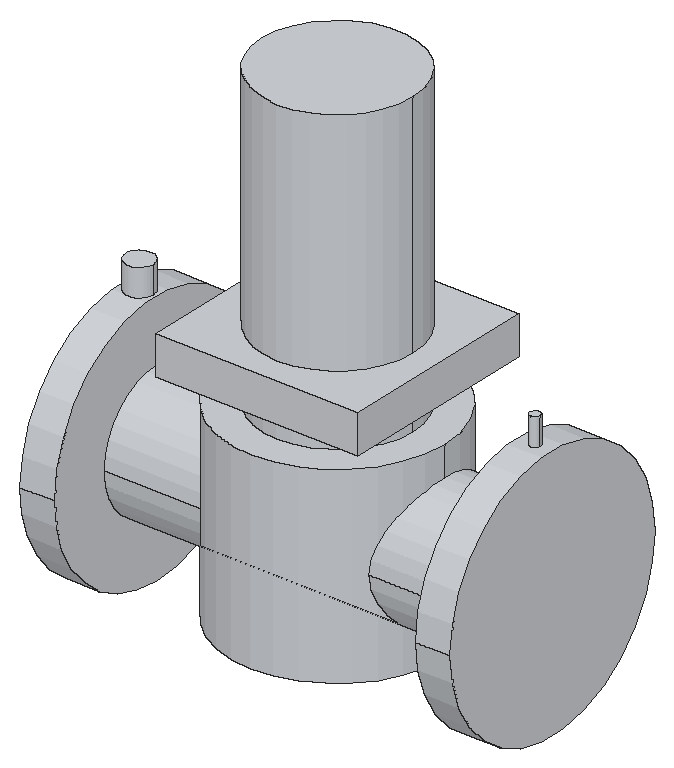
Revit family "PV_Compact_PN16_DN150_(20-100kPa)_RFA_2018", category Pipe Accessories, Revit 2018
Family settings
  Round Connector Dimension = Use Diameter
  Part Type = Valve - Breaks Into
  Work Plane-Based = No
  Always vertical = Yes
  Cut with Voids When Loaded = No
  Shared = No
Parameters (values of type "PV Compact PN16 DN150 (20-100kPa)")
  magiProductId = "c042f62d475c462ea84624600fc620"
  magiProductFamilyId = "23d1f353e6b1477a88f64fef0dfa1d"
  magiPartTypeId = 304
  isMeasuringValve [instance] = no
  ang2D [instance] = 0.00°
  W2D = 50 mm
  VersionID = "2.0/2018.12.13.2/FRESE_PV_COMPACT_BIG_Q13_001"
  Use Minimum Symbol Size [instance] = no
  URL = "www.hydronic.cz"
  Type Comments = "PŘÍRUBOVÝ; PN16; dpmax=1000kPa; -10~+120°C"
  R4 = 84 mm
  R3 = 74.1 mm
  R1 = 120 mm
  QmdConnectorList = "301;D;302;D"
  Productdata [instance] = ""
  Manufacturer = "Hydronic Systems Prague s.r.o."
  Maintenance Zone Under Depth [instance] = 100 mm
  Maintenance Zone Right Depth [instance] = 100 mm
  Maintenance Zone Over Depth [instance] = 100 mm
  Maintenance Zone Left Depth [instance] = 100 mm
  Maintenance Zone Front Depth [instance] = 100 mm
  Maintenance Zone Back Depth [instance] = 100 mm
  Maintenance Zone Front Visibility [instance] = no
  MC Use Limits From Balancing Method = no
  MC Throttling Minimum Value = 0
  MC Throttling Maximum Value = 0
  MC Product Code = "53-3315 DN150 PN16; nastavitelný rozsah dp=20~100kPa; Q=28,0~112 m3/h;  kvs=250"
  MC Pressure Drop Minimum Value = 0.0 Pa
  MC Pressure Drop Maximum Value = 0.0 Pa
  MC Piping Given Pressure Drop [instance] = 0.0 Pa
  LF__ve = -LF  # -38.4 mm
  LF2 = 19.2 mm
  LF = 38.4 mm
  L4 = 225.6 mm
  L3 = 403.2 mm
  L2D_Min = 30.48 mm
  L2D = 230 mm
  L2 = 240 mm
  H6 = 256.25 mm
  H4 = 42.75 mm
  H3 = 35.625 mm
  H2 = 106.875 mm
  H1 = 213.75 mm
  Description = "Nastavitelný regulátor tlakové diference"
  DF2 = 142.5 mm
  D = 150 mm
  Clearance Zone Height Depth [instance] = 100 mm
  Clearance Zone Circular Radius [instance] = 240 mm
  Clearance Zone Visibility [instance] = no
  CAT0 = yes
Types (7, lengths in mm): name | magiProductId | Type Comments | R4 | R3 | R1 | MC Product Code | LF__ve | LF2 | LF | L4 | L3 | L2 | H6 | H4 | H3 | H2 | H1 | DF2 | D | Clearance Zone Circular Radius
  PV Compact PN16 DN050 (20-100kPa) | "00877ad72a9f485bb97ca64af9b4c2" | "PŘÍRUBOVÝ; PN16; dpmax=1000kPa; -10~+120°C" | 40.25 | 42.9 | 57.5 | "53-3300 DN50 PN16; nastavitelný rozsah dp=20~100kPa; Q=3,2~13 m3/h;  kvs=29" | -18.4 | 9.2 | 18.4 | 108.1 | 193.2 | 115 | 82.25 | 24.75 | 20.625 | 61.875 | 123.75 | 82.5 | 50 | 115
  PV Compact PN16 DN065 (20-100kPa) | "4caf92840fdb43d88ad3b460526bbd" | "PŘÍRUBOVÝ; PN16; dpmax=1000kPa; -10~+120°C" | 50.75 | 48.1 | 72.5 | "53-3303 DN65 PN16; nastavitelný rozsah dp=20~100kPa; Q=4,7~18,8 m3/h;  kvs=42" | -23.2 | 11.6 | 23.2 | 136.3 | 243.6 | 145 | 105.25 | 27.75 | 23.125 | 69.375 | 138.75 | 92.5 | 65 | 145
  PV Compact PN16 DN080 (20-100kPa) | "fe1ae4728650433e927a6ac465ecb1" | "PŘÍRUBOVÝ; PN16; dpmax=1000kPa; -10~+120°C" | 54.25 | 52 | 77.5 | "53-3306 DN80 PN16; nastavitelný rozsah dp=20~100kPa; Q=7,5~30 m3/h;  kvs=67" | -24.8 | 12.4 | 24.8 | 145.7 | 260.4 | 155 | 141 | 30 | 25 | 75 | 150 | 100 | 80 | 155
  PV Compact PN16 DN100 (20-100kPa) | "9ee8abb4b353443d9e820e5bd3bf33" | "PŘÍRUBOVÝ; PN16; dpmax=1000kPa; -10~+120°C" | 61.25 | 61.1 | 87.5 | "53-3309 DN100 PN16; nastavitelný rozsah dp=20~100kPa; Q=12,9~51,4 m3/h;  kvs=115" | -28 | 14 | 28 | 164.5 | 294 | 175 | 234.75 | 35.25 | 29.375 | 88.125 | 176.25 | 117.5 | 100 | 175
  PV Compact PN16 DN125 (20-100kPa) | "e22e3bcdfcda477085ce507150ab41" | "PŘÍRUBOVÝ; PN16; dpmax=1000kPa; -10~+120°C" | 70 | 70.2 | 100 | "53-3312 DN125 PN16; nastavitelný rozsah dp=20~100kPa; Q=19,0~76,0 m3/h;  kvs=170" | -32 | 16 | 32 | 188 | 336 | 200 | 225.5 | 40.5 | 33.75 | 101.25 | 202.5 | 135 | 125 | 200
  PV Compact PN16 DN150 (20-100kPa) | "c042f62d475c462ea84624600fc620" | "PŘÍRUBOVÝ; PN16; dpmax=1000kPa; -10~+120°C" | 84 | 74.1 | 120 | "53-3315 DN150 PN16; nastavitelný rozsah dp=20~100kPa; Q=28,0~112 m3/h;  kvs=250" | -38.4 | 19.2 | 38.4 | 225.6 | 403.2 | 240 | 256.25 | 42.75 | 35.625 | 106.875 | 213.75 | 142.5 | 150 | 240
  PV Compact PN16 DN200 (20-100kPa) | "073b87d1a570497386745af6d59d88" | "PŘÍRUBOVÝ; PN16; dpmax=1000kPa; -10~+110°C" | 105 | 98.8 | 150 | "53-3318 DN200 PN16; nastavitelný rozsah dp=20~100kPa; Q=30,7~123 m3/h;  kvs=275" | -48 | 24 | 48 | 282 | 504 | 300 | 150 | 57 | 47.5 | 142.5 | 285 | 190 | 200 | 300
Reference planes
  plane 1 "Center (Front/Back)": y = 0
  plane 2 "XYPLANE": z = 0
  plane 3 "Center (Left/Right)": x = 0
  plane 4 "257": y = -142.5
  plane 5 "256": y = 142.5
  plane 6 "255": z = -142.5
  plane 7 "254": y = -242.5
  plane 8 "253": y = 242.5
  plane 9 "252": x = -340
  plane 10 "251": x = 340
  plane 11 "250": z = 541.5
  plane 12 "249": z = -242.5
  plane 13 "248": z = 541.5
  plane 14 "247": z = 441.5
  plane 15 "157": x = 220.8
  plane 16 "156": x = -220.8
  plane 17 "155": z = 142.5
  plane 18 "154": z = 185.25
  plane 19 "153": z = 142.5
  plane 20 "152": z = 106.875
  plane 21 "151": x = -201.6
  plane 22 "150": z = -106.875
  plane 23 "149": x = 0
  plane 24 "148": y = 0
  plane 25 "147": z = 0
  plane 26 "146": x = -240
  plane 27 "145": x = 240
Forms (mm)
  Blend 1, solid, visible <- "Maintenance Zone Front Visibility"
    base sketch origin (-750, 0, -242.5) x (1, 0, 0) y (0, 1, 0)
      loop
        line (410, 242.5) -> (410, -242.5) -> (1090, -242.5) -> (1090, 242.5) -> (410, 242.5)
    top sketch origin (-750, 0, -242.5) x (1, 0, 0) y (0, 1, 0)
      loop
        line (410, 242.5) -> (410, -242.5) -> (1090, -242.5) -> (1090, 242.5) -> (410, 242.5)
    from 0 to 784
  Blend 2, solid, visible <- "Clearance Zone Visibility"
    base sketch origin (-750, 0, 0) x (1, 0, 0) y (0, 1, 0)
      loop
        circle (750, 0) r 240
    top sketch origin (-750, 0, 0) x (1, 0, 0) y (0, 1, 0)
      loop
        circle (750, 0) r 240
    from 0 to 541.5
  Extrusion 3, solid, visible <- "CAT0"
    sketch origin (-750, 0, 142.5) x (1, 0, 0) y (0, 1, 0)
      loop
        circle (970.8, 0) r 5.5
    from 0 to 30
  Extrusion 4, solid, visible <- "CAT0"
    sketch origin (-750, 0, 142.5) x (1, 0, 0) y (0, 1, 0)
      loop
        circle (529.2, 0) r 15.5
    from 0 to 30
  Extrusion 5, solid
    sketch origin (-750, 0, 185.25) x (1, 0, 0) y (0, 1, 0)
      loop
        circle (750, 0) r 84
    from 0 to 256.25 <- "H6"
  Extrusion 6, solid, visible <- "CAT0"
    sketch origin (-750, 0, 142.5) x (1, 0, 0) y (0, 1, 0)
      loop
        line (862.8, 112.8) -> (637.2, 112.8) -> (637.2, -112.8) -> (862.8, -112.8) -> (862.8, 112.8)
    from 0 to 42.75 <- "H4"
  Extrusion 7, solid, visible <- "CAT0"
    sketch origin (-750, 0, 106.875) x (1, 0, 0) y (0, 1, 0)
      loop
        circle (750, 0) r 84
    from 0 to 35.625 <- "H3"
  Extrusion 8, solid, visible <- "CAT0"
    sketch origin (-201.6, -750, 0) x (0, 1, 0) y (0, 0, 1)
      loop
        circle (750, 0) r 74.1
    from 0 to 403.2 <- "L3"
  Extrusion 9, solid, visible <- "CAT0"
    sketch origin (-750, 0, -106.875) x (1, 0, 0) y (0, 1, 0)
      loop
        circle (750, 0) r 120
    from 0 to 213.75 <- "H1"
  Extrusion 10, solid, visible <- "CAT0"
    sketch origin (-240, -750, 0) x (0, 1, 0) y (0, 0, 1)
      loop
        circle (750, 0) r 142.5
    from 0 to 38.4 <- "LF"
  Extrusion 11, solid, visible <- "CAT0"
    sketch origin (240, -750, 0) x (0, 1, 0) y (0, 0, 1)
      loop
        circle (750, 0) r 142.5
    from 0 to -38.4 <- "LF__ve"
  Extrusion 12, solid, not visible
    sketch origin (-240, -750, 0) x (0, 1, 0) y (0, 0, 1)
      loop
        circle (750, 0) r 10
    from 0 to 10
  Extrusion 13, solid, not visible
    sketch origin (240, -750, 0) x (0, 1, 0) y (0, 0, 1)
      loop
        circle (750, 0) r 10
    from 0 to -10
Lines and regions (mm)
  reference lines, not visible
    curve 1: circle (2, 2, 0) r 1 normal (0, 0, 1)
  reference lines
    curve 2: circle (0, 0, 142.5) r 1 normal (0, 0, 1)
Dimensions and locks
  plane 1 "Center (Front/Back)" to curve 1 = 2 mm
  "DF2": plane 24 "148" to plane 4 "257"
  "DF2": plane 24 "148" to plane 5 "256"
  "DF2": plane 25 "147" to plane 6 "255"
  "Maintenance Zone Front Depth": plane 4 "257" to plane 7 "254"
  "Maintenance Zone Back Depth": plane 5 "256" to plane 8 "253"
  "Maintenance Zone Left Depth": plane 26 "146" to plane 9 "252"
  "Maintenance Zone Right Depth": plane 27 "145" to plane 10 "251"
  "Maintenance Zone Over Depth": plane 14 "247" to plane 11 "250"
  "Maintenance Zone Under Depth": plane 6 "255" to plane 12 "249"
  "Clearance Zone Height Depth": plane 14 "247" to plane 13 "248"
  "H6": plane 18 "154" to plane 14 "247"
  "LF2": plane 27 "145" to plane 15 "157"
  "LF2": plane 26 "146" to plane 16 "156"
  "DF2": plane 2 "XYPLANE" to plane 17 "155"
  "H4": plane 19 "153" to plane 18 "154"
  "H3": plane 20 "152" to plane 19 "153"
  "H1": plane 22 "150" to plane 20 "152"
  "LF": plane 26 "146" to plane 21 "151"
  "H2": plane 2 "XYPLANE" to plane 22 "150"
  locked: plane 3 "Center (Left/Right)" to plane 23 "149"
  locked: plane 1 "Center (Front/Back)" to plane 24 "148"
  locked: plane 2 "XYPLANE" to plane 25 "147"
  "L2": plane 3 "Center (Left/Right)" to plane 26 "146"
  "L2": plane 3 "Center (Left/Right)" to plane 27 "145"
  Blend 1 sketch curve to Blend 1 sketch curve = 0 mm  (x16)
  equal spacing: Extrusion 6 sketch curve, curve 2, Extrusion 6 sketch curve  (x2)
  "L4": Extrusion 6 sketch curve to Extrusion 6 sketch curve  (x2)
  Extrusion 6 sketch curve to Extrusion 6 sketch curve = 0 mm  (x8)
  "Clearance Zone Circular Radius": radius of Blend 2 sketch curve  (x2)
  "R4": radius of Extrusion 5 sketch curve
  "R4": radius of Extrusion 7 sketch curve
  "R3": radius of Extrusion 8 sketch curve
  "R1": radius of Extrusion 9 sketch curve
  "DF2": radius of Extrusion 10 sketch curve
  "DF2": radius of Extrusion 11 sketch curve
  aligned and locked: level to plane 2 "XYPLANE"
  aligned and locked: Blend 1 sketch curve to plane 8 "253"  (x2)
  aligned and locked: plane 9 "252" to Blend 1 sketch curve  (x4)
  aligned and locked: plane 10 "251" to Blend 1 sketch curve  (x4)
  aligned and locked: plane 8 "253" to Blend 1 sketch curve  (x2)
  aligned and locked: plane 7 "254" to Blend 1 sketch curve  (x4)
  aligned and locked: plane 11 "250" to Blend 1
  aligned and locked: plane 23 "149" to Blend 2 sketch curve  (x2)
  aligned and locked: plane 24 "148" to Blend 2 sketch curve  (x2)
  aligned and locked: plane 13 "248" to Blend 2
  aligned and locked: plane 15 "157" to Extrusion 3 sketch curve
  aligned and locked: plane 24 "148" to Extrusion 3 sketch curve
  aligned and locked: plane 16 "156" to Extrusion 4 sketch curve
  aligned and locked: plane 24 "148" to Extrusion 4 sketch curve
  aligned and locked: plane 23 "149" to Extrusion 5 sketch curve
  aligned and locked: plane 24 "148" to Extrusion 5 sketch curve
  aligned and locked: plane 23 "149" to curve 2
  aligned and locked: plane 24 "148" to curve 2
  aligned and locked: plane 23 "149" to Extrusion 7 sketch curve
  aligned and locked: plane 24 "148" to Extrusion 7 sketch curve
  aligned and locked: Extrusion 8 sketch curve to plane 24 "148"
  aligned and locked: plane 25 "147" to Extrusion 8 sketch curve
  aligned and locked: plane 23 "149" to Extrusion 9 sketch curve
  aligned and locked: plane 24 "148" to Extrusion 9 sketch curve
  aligned and locked: Extrusion 10 sketch curve to plane 24 "148"
  aligned and locked: plane 25 "147" to Extrusion 10 sketch curve
  aligned and locked: Extrusion 11 sketch curve to plane 24 "148"
  aligned and locked: plane 25 "147" to Extrusion 11 sketch curve
  aligned and locked: Extrusion 12 sketch curve to plane 24 "148"
  aligned and locked: plane 25 "147" to Extrusion 12 sketch curve
  aligned and locked: Extrusion 13 sketch curve to plane 24 "148"
  aligned and locked: plane 25 "147" to Extrusion 13 sketch curve
Automatic sketch dimensions
  Extrusion 3 sketch curve to plane 15 "157" = 5.5 mm
  plane 26 "146" to Extrusion 4 sketch curve = 3.7 mm
  plane 1 "Center (Front/Back)" to Extrusion 12 sketch curve = 10 mm
  plane 1 "Center (Front/Back)" to Extrusion 13 sketch curve = 10 mm
  plane 3 "Center (Left/Right)" to curve 1 = 2 mm
  Extrusion 6 sketch curve to plane 5 "256" = 29.7 mm
  plane 21 "151" to Extrusion 6 sketch curve = 88.8 mm
  radius of curve 2 = 1 mm
  radius of curve 1 = 1 mm
Connectors
  piping at (-240, 0, 0), diameter 150, driven by "D"
    settings: on Extrusion 12, index 1, connector inside diameter 609.6 mm, connector length 0 mm, flow factor 0, pipe flow 0.0 L/s, pressure drop 0.0 Pa, fitting loss kfactor 0, connector angle 0.00°, fixture units 0, engagement length 0 mm, angle of deflection 0.00°, flow configuration 0, flow direction 0, fitting loss method 0, system type 29, joint type 0, gender type 0, connector reference index 2, connector utility 0, adjustable connector no, is connector primary yes, connector description ""
  piping at (240, 0, 0), diameter 150, driven by "D"
    settings: on Extrusion 13, index 2, connector inside diameter 609.6 mm, connector length 0 mm, flow factor 0, pipe flow 0.0 L/s, pressure drop 0.0 Pa, fitting loss kfactor 0, connector angle 0.00°, fixture units 0, engagement length 0 mm, angle of deflection 0.00°, flow configuration 0, flow direction 0, fitting loss method 0, system type 29, joint type 0, gender type 0, connector reference index 1, connector utility 0, adjustable connector no, is connector primary no, connector description ""
